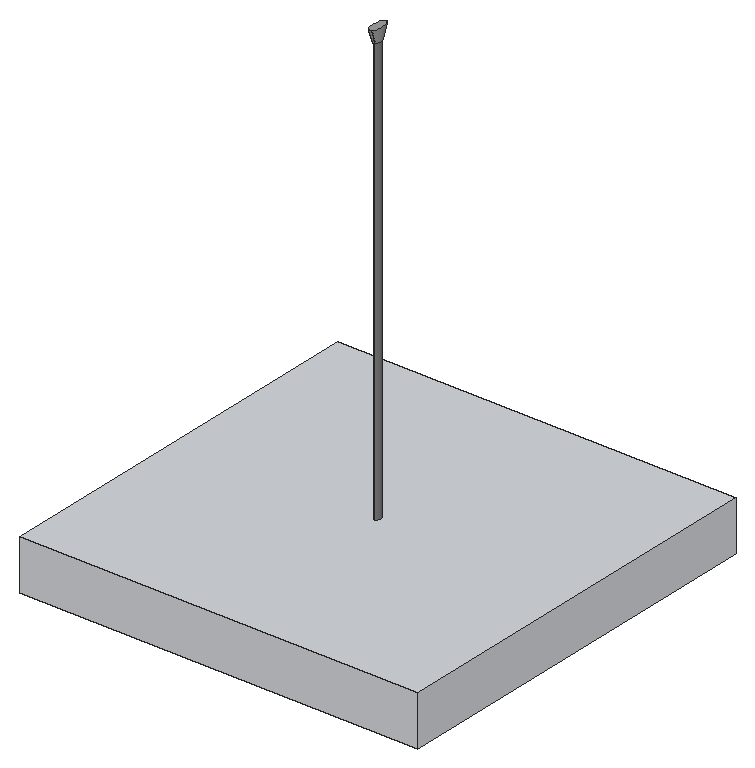
Revit family "Legrand Export Ovaline Column Kit", category Installations électriques, Revit 2020
Family settings
  Hôte = Face
  Conserver l'orientation des annotations = Non
  Cote de connecteur circulaire = Utiliser le diamètre
  Type d'élément = Normal
  Couper avec des vides une fois chargée = Non
  Partagée = Non
  Point de calcul de pièce = Non
Parameters (values of type "Ovaline kit mini Column T2 White")
  h1 = 2700 mm
  Standard = "Ovaline"
  Number of compartments = "Other"
  Modèle = "LG-653063"
  Main Material = "Aluminum"
  Finishing = "White"
  Fabricant = "LEGRAND"
  Default Elevation = 0 mm
  Description = "ovaline kit extension for mini Column 2 cpts cv45mm or 1 cpt cv80mm White"
Types (6, lengths in mm): name | Modèle | Finishing | Description
  Ovaline kit mini Column 1C White | "LG-653060" | "White" | "ovaline kit extension for mini Column 1 cpt cv45mm White"
  Ovaline kit mini Column 1C Alu | "LG-653061" | "Aluminum" | "ovaline kit extension for mini Column 1 cpt cv45mm Alu"
  Ovaline kit mini  Column 1C Black | "LG-653062" | "Black" | "ovaline kit extension for mini Column 1 cpt cv45mm Black"
  Ovaline kit mini Column T2 White | "LG-653063" | "White" | "ovaline kit extension for mini Column 2 cpts cv45mm or 1 cpt cv80mm White"
  Ovaline kit mini Column T2 Alu | "LG-653064" | "Aluminum" | "ovaline kit extension for mini Column 2 cpts cv45mm or 1 cpt cv80mm Alu"
  Ovaline kit mini Column T2 Black | "LG-653065" | "Black" | "ovaline kit extension for mini Column 2 cpts cv45mm or 1 cpt cv80mm Black"
Reference planes
  plane 1 "Centre (avant/arrière)": y = 0
  plane 2: z = 0
  plane 3 "Centre (gauche/droite)": x = 0
  plane 4: z = 2700
  plane 5: z = 2620
Forms (mm)
  Extrusion 1, solid
    sketch origin (0, 0, 0) x (1, 0, 0) y (0, 1, 0)
      loop
        line (-1219.2, 1219.2) -> (-1219.2, -1219.2) -> (1219.2, -1219.2) -> (1219.2, 1219.2) -> (-1219.2, 1219.2)
    from 0 to -304.8
  Extrusion 2, solid, material "Legrand - Aluminium gris"
    sketch origin (0, 0, 0) x (1, 0, 0) y (0, 1, 0)
      loop
        arc (-5, 27.5) -> (-16.5, 0) -> (-5, -27.5) r 38.63
        line (-5, -27.5) -> (5, -27.5)
        arc (5, -27.5) -> (16.5, 0) -> (5, 27.5) r 38.63
        line (5, 27.5) -> (-5, 27.5)
    from 0 to 2620
  Blend 3, solid, material "Legrand - PVC  Gris"
    base sketch origin (0, 0, 2700) x (0, -1, 0) y (1, 0, 0)
      loop
        arc (-60, -10) -> (0, -27.5) -> (60, -10) r 111.607
        arc (60, -10) -> (65, 0) -> (60, 10) r 12.5
        arc (60, 10) -> (0, 27.5) -> (-60, 10) r 111.607
        arc (-60, 10) -> (-65, 0) -> (-60, -10) r 12.5
    top sketch origin (0, 0, 2700) x (0, -1, 0) y (1, 0, 0)
      loop
        arc (28.924, -6.405) -> (31.551, 0) -> (28.924, 6.405) r 9.119
        arc (28.924, 6.405) -> (0, 18.5) -> (-28.924, 6.405) r 40.63
        arc (-28.924, 6.405) -> (-31.551, 0) -> (-28.924, -6.405) r 9.119
        arc (-28.924, -6.405) -> (0, -18.5) -> (28.924, -6.405) r 40.63
    from 0 to -80
Dimensions and locks
  "h1": plane 4 to plane 2
  locked: plane 4 to plane 5 at 80
  aligned and locked: plane 2 to Extrusion 1
  aligned and locked: level to Extrusion 1
  aligned and locked: Extrusion 2 to Blend 3
  aligned and locked: plane 4 to Blend 3
  aligned and locked: Blend 3 to plane 5
  aligned and locked: plane 5 to Extrusion 2
  aligned and locked: Extrusion 2 to level
Automatic sketch dimensions
  Extrusion 1 sketch curve to Extrusion 1 sketch curve = 2438.4 mm  (x2)
  plane 1 "Centre (avant/arrière)" to Extrusion 2 sketch curve = 0 mm  (x2)
  Extrusion 2 sketch curve to plane 3 "Centre (gauche/droite)" = 22.13 mm
  Extrusion 2 sketch curve to plane 3 "Centre (gauche/droite)" = 5 mm  (x2)
  plane 3 "Centre (gauche/droite)" to Extrusion 2 sketch curve = 5 mm
  plane 3 "Centre (gauche/droite)" to Extrusion 2 sketch curve = 22.13 mm
  plane 1 "Centre (avant/arrière)" to Extrusion 2 sketch curve = 27.5 mm
  Blend 3 sketch curve to plane 3 "Centre (gauche/droite)" = 0 mm  (x4)
  plane 1 "Centre (avant/arrière)" to Blend 3 sketch curve = 0 mm  (x4)
  Blend 3 sketch curve to plane 1 "Centre (avant/arrière)" = 52.5 mm
  plane 1 "Centre (avant/arrière)" to Blend 3 sketch curve = 52.5 mm
  Blend 3 sketch curve to plane 3 "Centre (gauche/droite)" = 84.107 mm
  plane 3 "Centre (gauche/droite)" to Blend 3 sketch curve = 84.107 mm
  Blend 3 sketch curve to Blend 3 sketch curve = 7.5 mm  (x3)
  Blend 3 sketch curve to plane 3 "Centre (gauche/droite)" = 10 mm
  Blend 3 sketch curve to plane 1 "Centre (avant/arrière)" = 22.432 mm
  plane 1 "Centre (avant/arrière)" to Blend 3 sketch curve = 22.432 mm
  Blend 3 sketch curve to plane 3 "Centre (gauche/droite)" = 22.13 mm
  plane 3 "Centre (gauche/droite)" to Blend 3 sketch curve = 22.13 mm
  plane 3 "Centre (gauche/droite)" to Blend 3 sketch curve = 6.405 mm
  Blend 3 sketch curve to plane 3 "Centre (gauche/droite)" = 6.405 mm
  Blend 3 sketch curve to Blend 3 sketch curve = 0 mm  (x2)
